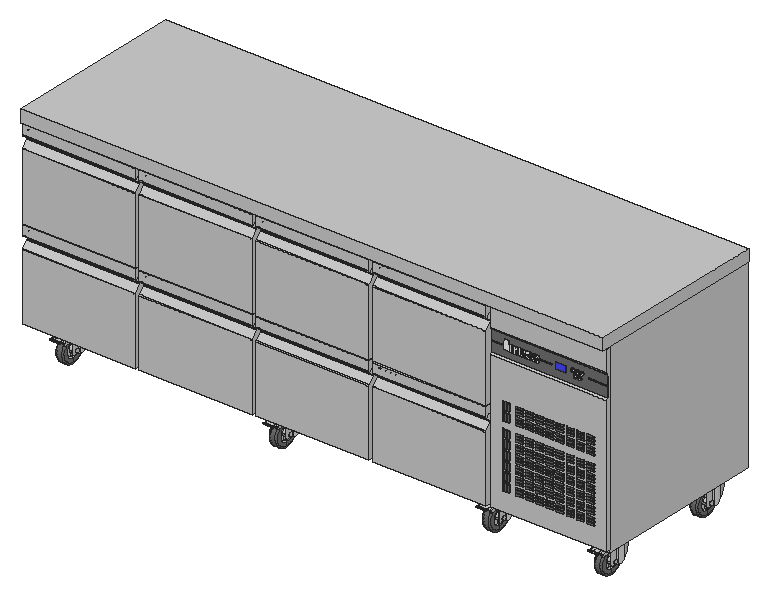
Revit family "QF_INOMAK_PNRP9999_250611031516", category Specialty Equipment, Revit 2021 (continued)
Definition of nested family "QF_INOMAK_REF_COUNTERS_DOORS_DRAWERS_6956"
  Definition of nested family "3_Drawers_1-3"
    Forms (mm)
      Extrusion 3, solid, visible <- "3 Drawers", detail levels coarse
        sketch origin (0, -640.463, 453.333) x (0, 1, 0) y (-1, 0, 0)
          loop
            line (-49.537, -35) -> (-624.582, -35) -> (-624.582, -1165) -> (-49.537, -1165) -> (-49.537, -35)
        from 0 to 293.667
      Extrusion 4, solid, visible <- "3 Drawers", detail levels coarse
        sketch origin (0, -700, 154) x (-1, 0, 0) y (0, 1, 0)
          loop
            line (-35, 10) -> (-1165, 10) -> (-1165, -565.045) -> (-35, -565.045) -> (-35, 10)
        from 0 to -294
      Extrusion 5, solid, material <- "Finish", visible <- "3 Drawers"
        sketch origin (35, 0, -220.667) x (0, -1, 0) y (0, 0, 1)
          loop
            line (690, 674) -> (690, 882.031)
            arc (690, 882.031) -> (689.866, 882.704) -> (689.485, 883.274) r 1.757
            line (689.485, 883.274) -> (666.663, 906.096)
            arc (666.663, 906.096) -> (665.976, 907.125) -> (665.734, 908.339) r 3.172
            line (665.734, 908.339) -> (665.734, 935.243)
            arc (665.734, 935.243) -> (666.433, 936.929) -> (668.119, 937.628) r 2.385
            line (668.119, 937.628) -> (680.029, 937.628) -> (686.544, 928.324)
            arc (686.544, 928.324) -> (688.671, 927.602) -> (690, 929.414) r 1.9
            line (690, 929.414) -> (690, 967.667) -> (648, 967.667) -> (648, 674) -> (690, 674)
        from 0 to -1130
      Extrusion 6, solid, material <- "Finish", visible <- "3 Drawers"
        sketch origin (35, 0, -441.333) x (0, -1, 0) y (0, 0, 1)
          loop
            line (690, 595.333) -> (690, 800.031)
            arc (690, 800.031) -> (689.866, 800.704) -> (689.485, 801.274) r 1.757
            line (689.485, 801.274) -> (666.663, 824.096)
            arc (666.663, 824.096) -> (665.976, 825.125) -> (665.734, 826.339) r 3.172
            line (665.734, 826.339) -> (665.734, 857.243)
            arc (665.734, 857.243) -> (666.433, 858.929) -> (668.119, 859.628) r 2.385
            line (668.119, 859.628) -> (680.029, 859.628) -> (686.544, 850.324)
            arc (686.544, 850.324) -> (688.671, 849.602) -> (690, 851.414) r 1.9
            line (690, 851.414) -> (690, 889.333) -> (648, 889.333) -> (648, 595.333) -> (690, 595.333)
        from 0 to -1130
    Lines and regions (mm)
      symbolic lines, visible <- "3 Drawers"
        curve 1: line (35, -850, 900) -> (35, -890, 900)
        curve 2: line (35, -890, 900) -> (1165, -890, 900)
        curve 3: line (1165, -890, 900) -> (1165, -850, 900)
        curve 4: line (1165, -850, 900) -> (35, -850, 900)
        curve 5: line (1135, -850, 900) -> (1135, -700, 900)
        curve 6: line (65, -850, 900) -> (65, -700, 900)
        curve 7: line (35, -1040, 900) -> (35, -1080, 900)
        curve 8: line (35, -1080, 900) -> (1165, -1080, 900)
        curve 9: line (1165, -1080, 900) -> (1165, -1040, 900)
        curve 10: line (1165, -1040, 900) -> (35, -1040, 900)
        curve 11: line (1135, -1040, 900) -> (1135, -890, 900)
        curve 12: line (65, -1040, 900) -> (65, -890, 900)
        curve 13: line (35, -1225, 900) -> (35, -1265, 900)
        curve 14: line (35, -1265, 900) -> (1165, -1265, 900)
        curve 15: line (1165, -1265, 900) -> (1165, -1225, 900)
        curve 16: line (1165, -1225, 900) -> (35, -1225, 900)
        curve 17: line (1135, -1225, 900) -> (1135, -1080, 900)
        curve 18: line (65, -1225, 900) -> (65, -1080, 900)
    Dimensions and locks
      "Length Actual": plane 3 "Left" to plane 4 "Right"
      "Depth Actual": plane 5 "Front" to plane 1 "Back"
      "Height Actual": plane 6 "Top" to plane 8 "Legs top"
      "Front inset": plane 7 "Front legs" to plane 5 "Front"
      "Plinth height": plane 8 "Legs top" to plane 2
      "Rear inset": plane 9 "Backsplash thickness" to plane 1 "Back"
      "Right panel thickness": plane 11 "Right panel" to plane 4 "Right"
      "Left panel thickness": plane 3 "Left" to plane 10 "Left panel"
      plane 14 to plane 15 = 4.667 mm
      equal spacing: plane 14, plane 12, plane 15
      locked: plane 16 to plane 13 at 2
      equal spacing: plane 18, plane 17, plane 19
      plane 18 to plane 19 = 5.333 mm
      "Bottom inset": plane 20 to plane 8 "Legs top"
      equal spacing: plane 21, plane 17, plane 12, plane 16
      "Top inset": plane 13 to plane 6 "Top"
      locked: plane 21 to plane 20 at 2
      aligned and locked: level to plane 2
      aligned and locked: Extrusion 1 to plane 11 "Right panel"
      aligned and locked: plane 10 "Left panel" to curve 1
      aligned and locked: plane 10 "Left panel" to curve 7
      aligned and locked: plane 10 "Left panel" to curve 13
      aligned and locked: Extrusion 2 sketch curve to plane 10 "Left panel"
      aligned and locked: plane 11 "Right panel" to Extrusion 2 sketch curve
      aligned and locked: Extrusion 3 sketch curve to plane 10 "Left panel"
      aligned and locked: plane 11 "Right panel" to Extrusion 3 sketch curve
      aligned and locked: Extrusion 4 sketch curve to plane 10 "Left panel"
      aligned and locked: plane 11 "Right panel" to Extrusion 4 sketch curve
      aligned and locked: Extrusion 2 to plane 13
      aligned and locked: Extrusion 3 to plane 15
      aligned and locked: Extrusion 4 to plane 19
      aligned and locked: Extrusion 5 to plane 11 "Right panel"
      aligned and locked: Extrusion 6 to plane 11 "Right panel"
      aligned and locked: Extrusion 1 sketch curve to plane 13
      aligned and locked: Extrusion 1 sketch curve to plane 7 "Front legs"
      aligned and locked: plane 18 to Extrusion 5 sketch curve
      aligned and locked: Extrusion 6 sketch curve to Extrusion 4  (x2)
      aligned and locked: Extrusion 5 sketch curve to plane 15
      aligned and locked: Extrusion 4 to Extrusion 5 sketch curve
      aligned and locked: Extrusion 6 sketch curve to plane 19
      aligned and locked: Extrusion 6 sketch curve to plane 20
    Automatic sketch dimensions
      Extrusion 2 sketch curve to plane 7 "Front legs" = 0 mm
      Extrusion 2 sketch curve to plane 5 "Front" = 565.045 mm
      Extrusion 3 sketch curve to plane 7 "Front legs" = 0 mm
      Extrusion 3 sketch curve to plane 5 "Front" = 565.045 mm
      Extrusion 4 sketch curve to plane 7 "Front legs" = 0 mm
      Extrusion 4 sketch curve to plane 5 "Front" = 565.045 mm
      curve 14 to plane 11 "Right panel" = 0 mm
      curve 8 to plane 11 "Right panel" = 0 mm
      curve 3 to plane 11 "Right panel" = 0 mm
      curve 6 to plane 5 "Front" = 0 mm
      curve 5 to plane 5 "Front" = 0 mm
      curve 1 to plane 5 "Front" = 150 mm
      curve 2 to curve 3 = 40 mm
      curve 10 to curve 1 = 150 mm
      curve 9 to curve 9 = 40 mm
      curve 13 to curve 7 = 145 mm
      curve 14 to curve 13 = 40 mm
      curve 3 to curve 5 = 30 mm
      curve 15 to curve 17 = 30 mm
      curve 11 to curve 17 = 0 mm
      curve 6 to plane 10 "Left panel" = 30 mm
      curve 18 to plane 10 "Left panel" = 30 mm
      curve 12 to curve 18 = 0 mm
      Extrusion 1 sketch curve to plane 14 = 0 mm
      Extrusion 1 sketch curve to plane 7 "Front legs" = 0 mm
      plane 7 "Front legs" to Extrusion 1 sketch curve = 0.515 mm
      plane 7 "Front legs" to Extrusion 1 sketch curve = 1.757 mm
      plane 7 "Front legs" to Extrusion 1 sketch curve = 1.9 mm
      Extrusion 1 sketch curve to Extrusion 1 sketch curve = 1.556 mm
      plane 7 "Front legs" to Extrusion 1 sketch curve = 9.971 mm
      plane 7 "Front legs" to Extrusion 1 sketch curve = 21.094 mm
      Extrusion 1 sketch curve to Extrusion 1 sketch curve = 11.91 mm
      Extrusion 1 sketch curve to Extrusion 1 sketch curve = 2.243 mm
      Extrusion 1 sketch curve to Extrusion 1 sketch curve = 2.385 mm
      Extrusion 1 sketch curve to Extrusion 1 sketch curve = 20.119 mm
      plane 13 to Extrusion 1 sketch curve = 85.635 mm
      Extrusion 1 sketch curve to Extrusion 1 sketch curve = 22.822 mm
      Extrusion 1 sketch curve to Extrusion 1 sketch curve = 19.985 mm
      Extrusion 1 sketch curve to Extrusion 1 sketch curve = 6.919 mm
      plane 15 to Extrusion 5 sketch curve = 59.328 mm
      Extrusion 5 sketch curve to Extrusion 5 sketch curve = 17.734 mm
      plane 15 to Extrusion 5 sketch curve = 61.571 mm
      Extrusion 5 sketch curve to Extrusion 5 sketch curve = 0.929 mm
      Extrusion 5 sketch curve to Extrusion 5 sketch curve = 2.385 mm
      Extrusion 5 sketch curve to Extrusion 5 sketch curve = 11.91 mm
      Extrusion 5 sketch curve to Extrusion 5 sketch curve = 6.515 mm
      Extrusion 5 sketch curve to Extrusion 5 sketch curve = 1.556 mm
      Extrusion 5 sketch curve to Extrusion 5 sketch curve = 21.58 mm
      plane 15 to Extrusion 5 sketch curve = 84.393 mm
      Extrusion 5 sketch curve to Extrusion 5 sketch curve = 1.242 mm
      Extrusion 5 sketch curve to Extrusion 5 sketch curve = 1.9 mm
      Extrusion 5 sketch curve to Extrusion 5 sketch curve = 0.515 mm
      Extrusion 5 sketch curve to Extrusion 5 sketch curve = 6.919 mm
      Extrusion 5 sketch curve to Extrusion 5 sketch curve = 30.039 mm
      plane 7 "Front legs" to Extrusion 6 sketch curve = 0.515 mm
      plane 7 "Front legs" to Extrusion 6 sketch curve = 1.757 mm
      plane 7 "Front legs" to Extrusion 6 sketch curve = 1.9 mm
      Extrusion 6 sketch curve to Extrusion 6 sketch curve = 1.556 mm
      plane 7 "Front legs" to Extrusion 6 sketch curve = 9.971 mm
      plane 7 "Front legs" to Extrusion 6 sketch curve = 21.094 mm
      Extrusion 6 sketch curve to Extrusion 6 sketch curve = 11.91 mm
      Extrusion 6 sketch curve to Extrusion 6 sketch curve = 2.243 mm
      Extrusion 6 sketch curve to Extrusion 6 sketch curve = 2.385 mm
      Extrusion 6 sketch curve to Extrusion 6 sketch curve = 20.119 mm
      plane 19 to Extrusion 6 sketch curve = 89.302 mm
      Extrusion 6 sketch curve to Extrusion 6 sketch curve = 22.822 mm
      Extrusion 6 sketch curve to Extrusion 6 sketch curve = 23.985 mm
      Extrusion 6 sketch curve to Extrusion 6 sketch curve = 6.919 mm
  Definition of nested family "2_Drawers_1-2"
    Parameters (values of type "2 Drawers 1-2")
      URL = "www.specifiglobal.com"
      Top inset [instance] = 4 mm
      Right panel thickness [instance] = 35 mm
      Rear inset [instance] = 10 mm
      Plinth height [instance] = 150 mm
      Model = ""
      Manufacturer = "DEMO CONSULTANT"
      Length Actual [instance] = 1200 mm
      Left panel thickness [instance] = 35 mm
      Height Actual [instance] = 900 mm
      Front inset [instance] = 10 mm
      Finish = none
      Doors drawers type [instance] = 4
      Description = ""
      Depth Actual [instance] = 700 mm
      Default Elevation = 0 mm
      Bottom inset [instance] = 4 mm
      Assembly Code = "E1090320"
      2 Drawers [instance] = Doors drawers type = 4  # yes
    Reference planes
      plane 1 "Back": y = 0
      plane 2: z = 0
      plane 3 "Left": x = 0
      plane 4 "Right": x = 1200
      plane 5 "Front": y = -700
      plane 6 "Top": z = 1050
      plane 7 "Front legs": y = -690
      plane 8 "Legs top": z = 150
      plane 9 "Backsplash thickness": y = -10
      plane 10 "Left panel": x = 35
      plane 11 "Right panel": x = 1165
      plane 12: z = 600
      plane 13: z = 1046
      plane 14: z = 602
      plane 15: z = 598
      plane 16: z = 154
    Forms (mm)
      Extrusion 1, solid, material <- "Finish", visible <- "2 Drawers"
        sketch origin (35, 0, 0) x (0, -1, 0) y (0, 0, 1)
          loop
            line (690, 602) -> (690, 960.365)
            arc (690, 960.365) -> (689.866, 961.037) -> (689.485, 961.607) r 1.757
            line (689.485, 961.607) -> (666.663, 984.429)
            arc (666.663, 984.429) -> (665.976, 985.458) -> (665.734, 986.672) r 3.172
            line (665.734, 986.672) -> (665.734, 1013.576)
            arc (665.734, 1013.576) -> (666.433, 1015.262) -> (668.119, 1015.961) r 2.385
            line (668.119, 1015.961) -> (680.029, 1015.961) -> (686.544, 1006.657)
            arc (686.544, 1006.657) -> (688.671, 1005.935) -> (690, 1007.747) r 1.9
            line (690, 1007.747) -> (690, 1046) -> (648, 1046) -> (648, 602) -> (690, 602)
        from 0 to -1130
      Extrusion 2, solid, visible <- "2 Drawers", detail levels coarse
        sketch origin (0, -640.463, 602) x (0, 1, 0) y (-1, 0, 0)
          loop
            line (-49.537, -35) -> (-624.537, -35) -> (-624.537, -1165) -> (-49.537, -1165) -> (-49.537, -35)
        from 0 to 444
      Extrusion 3, solid, visible <- "2 Drawers", detail levels coarse
        sketch origin (0, -700, 154) x (-1, 0, 0) y (0, 1, 0)
          loop
            line (-35, 10) -> (-1165, 10) -> (-1165, -565) -> (-35, -565) -> (-35, 10)
        from 0 to -444
      Extrusion 4, solid, material <- "Finish", visible <- "2 Drawers"
        sketch origin (35, 0, -441.333) x (0, -1, 0) y (0, 0, 1)
          loop
            line (690, 595.333) -> (690, 953.698)
            arc (690, 953.698) -> (689.866, 954.37) -> (689.485, 954.94) r 1.757
            line (689.485, 954.94) -> (666.663, 977.763)
            arc (666.663, 977.763) -> (665.976, 978.792) -> (665.734, 980.006) r 3.172
            line (665.734, 980.006) -> (665.734, 1006.909)
            arc (665.734, 1006.909) -> (666.433, 1008.596) -> (668.119, 1009.294) r 2.385
            line (668.119, 1009.294) -> (680.029, 1009.294) -> (686.544, 999.991)
            arc (686.544, 999.991) -> (688.671, 999.268) -> (690, 1001.08) r 1.9
            line (690, 1001.08) -> (690, 1039.333) -> (648, 1039.333) -> (648, 595.333) -> (690, 595.333)
        from 0 to -1130
    Lines and regions (mm)
      symbolic lines, visible <- "2 Drawers"
        curve 1: line (35, -940, 900) -> (35, -980, 900)
        curve 2: line (35, -980, 900) -> (1165, -980, 900)
        curve 3: line (1165, -980, 900) -> (1165, -940, 900)
        curve 4: line (1165, -940, 900) -> (35, -940, 900)
        curve 5: line (1135, -940, 900) -> (1135, -700, 900)
        curve 6: line (65, -940, 900) -> (65, -700, 900)
        curve 7: line (35, -1225, 900) -> (35, -1265, 900)
        curve 8: line (35, -1265, 900) -> (1165, -1265, 900)
        curve 9: line (1165, -1265, 900) -> (1165, -1225, 900)
        curve 10: line (1165, -1225, 900) -> (35, -1225, 900)
        curve 11: line (1135, -1225, 900) -> (1135, -980, 900)
        curve 12: line (65, -1225, 900) -> (65, -980, 900)
    Dimensions and locks
      "Length Actual": plane 3 "Left" to plane 4 "Right"
      "Depth Actual": plane 5 "Front" to plane 1 "Back"
      "Height Actual": plane 6 "Top" to plane 8 "Legs top"
      "Front inset": plane 7 "Front legs" to plane 5 "Front"
      "Plinth height": plane 8 "Legs top" to plane 2
      "Rear inset": plane 9 "Backsplash thickness" to plane 1 "Back"
      "Right panel thickness": plane 11 "Right panel" to plane 4 "Right"
      "Left panel thickness": plane 3 "Left" to plane 10 "Left panel"
      "Top inset": plane 6 "Top" to plane 13
      "Bottom inset": plane 16 to plane 8 "Legs top"
      equal spacing: plane 16, plane 12, plane 13
      locked: plane 14 to plane 12 at 2
      locked: plane 15 to plane 12 at 2
      aligned and locked: level to plane 2
      aligned and locked: Extrusion 1 to plane 11 "Right panel"
      aligned and locked: plane 10 "Left panel" to curve 1
      aligned and locked: plane 10 "Left panel" to curve 7
      aligned and locked: Extrusion 2 sketch curve to plane 10 "Left panel"
      aligned and locked: plane 11 "Right panel" to Extrusion 2 sketch curve
      aligned and locked: Extrusion 3 sketch curve to plane 10 "Left panel"
      aligned and locked: plane 11 "Right panel" to Extrusion 3 sketch curve
      aligned and locked: Extrusion 2 to plane 13
      aligned and locked: Extrusion 4 to plane 11 "Right panel"
      aligned and locked: Extrusion 3 to plane 15
      aligned and locked: Extrusion 1 sketch curve to plane 13
      aligned and locked: Extrusion 1 sketch curve to plane 7 "Front legs"
      aligned and locked: plane 14 to Extrusion 1 sketch curve
      aligned and locked: Extrusion 4 sketch curve to plane 15
      aligned and locked: Extrusion 4 sketch curve to plane 7 "Front legs"
      aligned and locked: Extrusion 4 sketch curve to plane 16
    Automatic sketch dimensions
      Extrusion 2 sketch curve to plane 7 "Front legs" = 0 mm
      Extrusion 2 sketch curve to plane 5 "Front" = 565 mm
      Extrusion 3 sketch curve to plane 7 "Front legs" = 0 mm
      Extrusion 3 sketch curve to plane 5 "Front" = 565 mm
      curve 9 to plane 11 "Right panel" = 0 mm
      curve 2 to plane 11 "Right panel" = 0 mm
      curve 5 to plane 5 "Front" = 0 mm
      curve 6 to plane 5 "Front" = 0 mm
      curve 1 to plane 5 "Front" = 240 mm
      curve 3 to curve 3 = 40 mm
      curve 7 to curve 1 = 245 mm
      curve 8 to curve 9 = 40 mm
      plane 11 "Right panel" to curve 5 = 30 mm
      curve 2 to curve 11 = 30 mm
      curve 6 to plane 10 "Left panel" = 30 mm
      curve 12 to plane 10 "Left panel" = 30 mm
      Extrusion 1 sketch curve to Extrusion 1 sketch curve = 17.734 mm
      Extrusion 1 sketch curve to Extrusion 1 sketch curve = 0.929 mm
      Extrusion 1 sketch curve to Extrusion 1 sketch curve = 2.385 mm
      Extrusion 1 sketch curve to Extrusion 1 sketch curve = 3.172 mm
      Extrusion 1 sketch curve to Extrusion 1 sketch curve = 11.91 mm
      Extrusion 1 sketch curve to Extrusion 1 sketch curve = 6.515 mm
      Extrusion 1 sketch curve to Extrusion 1 sketch curve = 1.556 mm
      Extrusion 1 sketch curve to Extrusion 1 sketch curve = 21.58 mm
      Extrusion 1 sketch curve to Extrusion 1 sketch curve = 1.242 mm
      Extrusion 1 sketch curve to Extrusion 1 sketch curve = 1.9 mm
      Extrusion 1 sketch curve to Extrusion 1 sketch curve = 0.515 mm
      Extrusion 1 sketch curve to Extrusion 1 sketch curve = 22.822 mm
      Extrusion 1 sketch curve to Extrusion 1 sketch curve = 19.985 mm
      Extrusion 1 sketch curve to Extrusion 1 sketch curve = 6.919 mm
      Extrusion 1 sketch curve to Extrusion 1 sketch curve = 30.039 mm
      Extrusion 4 sketch curve to plane 7 "Front legs" = 0 mm
      plane 7 "Front legs" to Extrusion 4 sketch curve = 0.515 mm
      plane 7 "Front legs" to Extrusion 4 sketch curve = 1.757 mm
      plane 7 "Front legs" to Extrusion 4 sketch curve = 1.9 mm
      Extrusion 4 sketch curve to Extrusion 4 sketch curve = 1.556 mm
      plane 7 "Front legs" to Extrusion 4 sketch curve = 9.971 mm
      plane 7 "Front legs" to Extrusion 4 sketch curve = 21.094 mm
      Extrusion 4 sketch curve to Extrusion 4 sketch curve = 11.91 mm
      Extrusion 4 sketch curve to Extrusion 4 sketch curve = 2.243 mm
      Extrusion 4 sketch curve to Extrusion 4 sketch curve = 2.385 mm
      Extrusion 4 sketch curve to Extrusion 4 sketch curve = 20.119 mm
      Extrusion 4 sketch curve to Extrusion 4 sketch curve = 22.822 mm
      Extrusion 4 sketch curve to Extrusion 4 sketch curve = 19.985 mm
      Extrusion 4 sketch curve to Extrusion 4 sketch curve = 6.919 mm
      Extrusion 4 sketch curve to Extrusion 4 sketch curve = 30.039 mm
  Definition of nested family "2_Drawers_1-3_2-3"
    Parameters (values of type "2 Drawers 1-3 and 2-3")
      URL = "www.specifiglobal.com"
      Top inset [instance] = 4 mm
      Right panel thickness [instance] = 35 mm
      Rear inset [instance] = 10 mm
      Plinth height [instance] = 150 mm
      Model = ""
      Manufacturer = "DEMO CONSULTANT"
      Length Actual [instance] = 1200 mm
      Left panel thickness [instance] = 35 mm
      Height Actual [instance] = 900 mm
      Front inset [instance] = 10 mm
      Finish = none
      Doors drawers type [instance] = 5
      Description = ""
      Depth Actual [instance] = 700 mm
      Default Elevation = 0 mm
      Bottom inset [instance] = 4 mm
      Assembly Code = "E1090320"
      2 Drawers 1-3 and 2-3 [instance] = Doors drawers type = 5  # yes
    Reference planes
      plane 1 "Back": y = 0
      plane 2: z = 0
      plane 3 "Left": x = 0
      plane 4 "Right": x = 1200
      plane 5 "Front": y = -700
      plane 6 "Top": z = 1050
      plane 7 "Front legs": y = -690
      plane 8 "Legs top": z = 150
      plane 9 "Backsplash thickness": y = -10
      plane 10 "Left panel": x = 35
      plane 11 "Right panel": x = 1165
      plane 12: z = 1046
      plane 13: z = 751.833
      plane 14: z = 746.833
      plane 15: z = 154
      plane 16: z = 450.667
      plane 17: z = 152
      plane 18: z = 1048
      plane 19: z = 749.333
    Forms (mm)
      Extrusion 1, solid, material <- "Finish", visible <- "2 Drawers 1-3 and 2-3"
        sketch origin (35, 0, 0) x (0, -1, 0) y (0, 0, 1)
          loop
            line (690, 751.833) -> (690, 960.365)
            arc (690, 960.365) -> (689.866, 961.037) -> (689.485, 961.607) r 1.757
            line (689.485, 961.607) -> (666.663, 984.429)
            arc (666.663, 984.429) -> (665.976, 985.458) -> (665.734, 986.672) r 3.172
            line (665.734, 986.672) -> (665.734, 1013.576)
            arc (665.734, 1013.576) -> (666.433, 1015.262) -> (668.119, 1015.961) r 2.385
            line (668.119, 1015.961) -> (680.029, 1015.961) -> (686.544, 1006.657)
            arc (686.544, 1006.657) -> (688.671, 1005.935) -> (690, 1007.747) r 1.9
            line (690, 1007.747) -> (690, 1046) -> (648, 1046) -> (648, 751.833) -> (690, 751.833)
        from 0 to -1130
      Extrusion 2, solid, visible <- "2 Drawers 1-3 and 2-3", detail levels coarse
        sketch origin (0, -640.463, 751.833) x (0, 1, 0) y (-1, 0, 0)
          loop
            line (-49.537, -35) -> (-624.537, -35) -> (-624.537, -1165) -> (-49.537, -1165) -> (-49.537, -35)
        from 0 to 294.167
      Extrusion 3, solid, visible <- "2 Drawers 1-3 and 2-3", detail levels coarse
        sketch origin (0, -700, 154) x (-1, 0, 0) y (0, 1, 0)
          loop
            line (-35, 10) -> (-1165, 10) -> (-1165, -565) -> (-35, -565) -> (-35, 10)
        from 0 to -592.833
      Extrusion 4, solid, material <- "Finish", visible <- "2 Drawers 1-3 and 2-3"
        sketch origin (35, 0, -441.333) x (0, -1, 0) y (0, 0, 1)
          loop
            line (690, 595.333) -> (690, 1101.698)
            arc (690, 1101.698) -> (689.866, 1102.37) -> (689.485, 1102.94) r 1.757
            line (689.485, 1102.94) -> (666.663, 1126.596)
            arc (666.663, 1126.596) -> (665.976, 1127.625) -> (665.734, 1128.839) r 3.172
            line (665.734, 1128.839) -> (665.734, 1155.743)
            arc (665.734, 1155.743) -> (666.433, 1157.429) -> (668.119, 1158.128) r 2.385
            line (668.119, 1158.128) -> (680.029, 1158.128) -> (686.544, 1148.824)
            arc (686.544, 1148.824) -> (688.671, 1148.102) -> (690, 1149.914) r 1.9
            line (690, 1149.914) -> (690, 1188.167) -> (648, 1188.167) -> (648, 595.333) -> (690, 595.333)
        from 0 to -1130
    Lines and regions (mm)
      symbolic lines, visible <- "2 Drawers 1-3 and 2-3"
        curve 1: line (35, -1000, 900) -> (35, -1040, 900)
        curve 2: line (35, -1040, 900) -> (1165, -1040, 900)
        curve 3: line (1165, -1040, 900) -> (1165, -1000, 900)
        curve 4: line (1165, -1000, 900) -> (35, -1000, 900)
        curve 5: line (1135, -1000, 900) -> (1135, -700, 900)
        curve 6: line (65, -1000, 900) -> (65, -700, 900)
        curve 7: line (35, -1225, 900) -> (35, -1265, 900)
        curve 8: line (35, -1265, 900) -> (1165, -1265, 900)
        curve 9: line (1165, -1265, 900) -> (1165, -1225, 900)
        curve 10: line (1165, -1225, 900) -> (35, -1225, 900)
        curve 11: line (1135, -1225, 900) -> (1135, -1040, 900)
        curve 12: line (65, -1225, 900) -> (65, -1040, 900)
    Dimensions and locks
      "Length Actual": plane 3 "Left" to plane 4 "Right"
      "Depth Actual": plane 5 "Front" to plane 1 "Back"
      "Height Actual": plane 6 "Top" to plane 8 "Legs top"
      "Front inset": plane 7 "Front legs" to plane 5 "Front"
      "Plinth height": plane 8 "Legs top" to plane 2
      "Rear inset": plane 9 "Backsplash thickness" to plane 1 "Back"
      "Right panel thickness": plane 11 "Right panel" to plane 4 "Right"
      "Left panel thickness": plane 3 "Left" to plane 10 "Left panel"
      "Top inset": plane 6 "Top" to plane 12
      locked: plane 13 to plane 14 at 5
      "Bottom inset": plane 15 to plane 8 "Legs top"
      equal spacing: plane 17, plane 16, plane 19, plane 18
      equal spacing: plane 12, plane 18, plane 6 "Top"
      equal spacing: plane 14, plane 19, plane 13
      equal spacing: plane 15, plane 17, plane 8 "Legs top"
      aligned and locked: level to plane 2
      aligned and locked: Extrusion 1 to plane 11 "Right panel"
      aligned and locked: plane 10 "Left panel" to curve 1
      aligned and locked: plane 10 "Left panel" to curve 7
      aligned and locked: Extrusion 2 sketch curve to plane 10 "Left panel"
      aligned and locked: plane 11 "Right panel" to Extrusion 2 sketch curve
      aligned and locked: Extrusion 3 sketch curve to plane 10 "Left panel"
      aligned and locked: plane 11 "Right panel" to Extrusion 3 sketch curve
      aligned and locked: Extrusion 2 to plane 12
      aligned and locked: Extrusion 4 to plane 11 "Right panel"
      aligned and locked: Extrusion 3 to plane 14
      aligned and locked: plane 13 to Extrusion 1 sketch curve
      aligned and locked: Extrusion 2 to Extrusion 1 sketch curve
      aligned and locked: Extrusion 3 to Extrusion 4 sketch curve
      aligned and locked: Extrusion 4 sketch curve to Extrusion 3  (x2)
      aligned and locked: Extrusion 1 sketch curve to plane 7 "Front legs"
    Automatic sketch dimensions
      Extrusion 2 sketch curve to plane 7 "Front legs" = 0 mm
      Extrusion 2 sketch curve to plane 5 "Front" = 565 mm
      Extrusion 3 sketch curve to plane 7 "Front legs" = 0 mm
      Extrusion 3 sketch curve to plane 5 "Front" = 565 mm
      curve 9 to plane 11 "Right panel" = 0 mm
      curve 2 to plane 11 "Right panel" = 0 mm
      curve 5 to plane 5 "Front" = 0 mm
      curve 6 to plane 5 "Front" = 0 mm
      curve 1 to plane 5 "Front" = 300 mm
      curve 3 to curve 3 = 40 mm
      curve 7 to curve 1 = 185 mm
      curve 8 to curve 9 = 40 mm
      plane 11 "Right panel" to curve 5 = 30 mm
      curve 11 to curve 5 = 0 mm
      curve 6 to plane 10 "Left panel" = 30 mm
      curve 12 to curve 6 = 0 mm
      Extrusion 1 sketch curve to plane 7 "Front legs" = 0 mm
      plane 7 "Front legs" to Extrusion 1 sketch curve = 0.515 mm
      plane 7 "Front legs" to Extrusion 1 sketch curve = 1.757 mm
      plane 7 "Front legs" to Extrusion 1 sketch curve = 1.9 mm
      Extrusion 1 sketch curve to Extrusion 1 sketch curve = 1.556 mm
      plane 7 "Front legs" to Extrusion 1 sketch curve = 9.971 mm
      plane 7 "Front legs" to Extrusion 1 sketch curve = 21.094 mm
      Extrusion 1 sketch curve to Extrusion 1 sketch curve = 11.91 mm
      Extrusion 1 sketch curve to Extrusion 1 sketch curve = 2.243 mm
      Extrusion 1 sketch curve to Extrusion 1 sketch curve = 2.385 mm
      Extrusion 1 sketch curve to Extrusion 1 sketch curve = 20.119 mm
      plane 12 to Extrusion 1 sketch curve = 85.635 mm
      Extrusion 1 sketch curve to Extrusion 1 sketch curve = 22.822 mm
      Extrusion 1 sketch curve to Extrusion 1 sketch curve = 19.985 mm
      Extrusion 1 sketch curve to Extrusion 1 sketch curve = 6.919 mm
      plane 12 to Extrusion 1 sketch curve = 0 mm
      Extrusion 4 sketch curve to plane 7 "Front legs" = 0 mm
      plane 7 "Front legs" to Extrusion 4 sketch curve = 0.515 mm
      plane 7 "Front legs" to Extrusion 4 sketch curve = 1.9 mm
      Extrusion 4 sketch curve to Extrusion 4 sketch curve = 1.556 mm
      plane 7 "Front legs" to Extrusion 4 sketch curve = 9.971 mm
      plane 7 "Front legs" to Extrusion 4 sketch curve = 21.094 mm
      Extrusion 4 sketch curve to Extrusion 4 sketch curve = 11.91 mm
      Extrusion 4 sketch curve to Extrusion 4 sketch curve = 2.243 mm
      Extrusion 4 sketch curve to Extrusion 4 sketch curve = 2.385 mm
      Extrusion 4 sketch curve to Extrusion 4 sketch curve = 20.119 mm
      Extrusion 4 sketch curve to Extrusion 4 sketch curve = 86.469 mm
      Extrusion 4 sketch curve to Extrusion 4 sketch curve = 23.656 mm
      Extrusion 4 sketch curve to Extrusion 4 sketch curve = 19.985 mm
      Extrusion 4 sketch curve to Extrusion 4 sketch curve = 6.919 mm
      plane 7 "Front legs" to Extrusion 4 sketch curve = 1.757 mm
  Definition of nested family "Sliding_Doors"
    Parameters (values of type "Sliding doors")
      URL = "www.specifiglobal.com"
      Top inset [instance] = 4 mm
      Sliding doors [instance] = Doors drawers type = 2  # yes
      Right panel thickness [instance] = 35 mm
      Rear inset [instance] = 10 mm
      Plinth height [instance] = 150 mm
      Model = ""
      Manufacturer = "DEMO CONSULTANT"
      Length Actual [instance] = 1200 mm
      Left panel thickness [instance] = 35 mm
      Height Actual [instance] = 900 mm
      Front inset [instance] = 10 mm
      Finish [instance] = none
      Doors drawers type [instance] = 2
      Description = ""
      Depth Actual [instance] = 700 mm
      Default Elevation = 0 mm
      Bottom inset [instance] = 4 mm
      Assembly Code = "E1090320"
    Reference planes
      plane 1 "Back": y = 0
      plane 2: z = 0
      plane 3 "Left": x = 0
      plane 4 "Right": x = 1200
      plane 5 "Front": y = -700
      plane 6 "Top": z = 1050
      plane 7 "Front legs": y = -690
      plane 8 "Legs top": z = 150
      plane 9 "Backsplash thickness": y = -10
      plane 10: x = 35
      plane 11: x = 1165
      plane 12 "Center Left-Right": x = 600
      plane 13: z = 154
      plane 14: z = 1046
    Forms (mm)
      Extrusion 1, solid, material <- "Finish", visible <- "Sliding doors"
        sketch origin (0, -690, 154) x (-1, 0, 0) y (0, 1, 0)
          loop
            line (-35, 10) -> (-35, 20) -> (-620, 20) -> (-620, 0) -> (-91.156, 0)
            arc (-91.156, 0) -> (-85.272, 0.885) -> (-79.91, 3.461) r 20
            line (-79.91, 3.461) -> (-60, 17) -> (-38, 17) -> (-38, 10)
            arc (-38, 10) -> (-40.05, 5.05) -> (-45, 3) r 7
            line (-45, 3) -> (-50.012, 3) -> (-50.012, 0) -> (-45, 0)
            arc (-45, 0) -> (-37.929, 2.929) -> (-35, 10) r 10
        from 0 to -892
      Extrusion 2, solid, material <- "Finish", visible <- "Sliding doors"
        sketch origin (0, -689, 154) x (-1, 0, 0) y (0, 1, 0)
          loop
            arc (-1065, 30) -> (-1062.071, 22.929) -> (-1055, 20) r 10
            line (-1055, 20) -> (-1049.988, 20) -> (-1049.988, 23) -> (-1055, 23)
            arc (-1055, 23) -> (-1059.95, 25.05) -> (-1062, 30) r 7
            line (-1062, 30) -> (-1062, 37) -> (-1040, 37) -> (-1020.09, 23.461)
            arc (-1020.09, 23.461) -> (-1014.728, 20.885) -> (-1008.844, 20) r 20
            line (-1008.844, 20) -> (-480, 20) -> (-480, 40) -> (-1065, 40) -> (-1065, 30)
        from 0 to -892
    Lines and regions (mm)
      symbolic lines, visible <- "Sliding doors"
        curve 1: line (1065, -649, 150) -> (480, -649, 150)
        curve 2: line (1065, -669, 150) -> (1065, -649, 150)
        curve 3: line (480, -669, 150) -> (1065, -669, 150)
        curve 4: line (480, -649, 150) -> (480, -669, 150)
        curve 5: line (620, -690, 150) -> (35, -690, 150)
        curve 6: line (620, -670, 150) -> (620, -690, 150)
        curve 7: line (35, -670, 150) -> (620, -670, 150)
        curve 8: line (35, -690, 150) -> (35, -670, 150)
    Dimensions and locks
      "Length Actual": plane 3 "Left" to plane 4 "Right"
      "Depth Actual": plane 5 "Front" to plane 1 "Back"
      "Height Actual": plane 6 "Top" to plane 8 "Legs top"
      "Front inset": plane 7 "Front legs" to plane 5 "Front"
      "Plinth height": plane 8 "Legs top" to plane 2
      "Rear inset": plane 9 "Backsplash thickness" to plane 1 "Back"
      "Right panel thickness": plane 11 to plane 4 "Right"
      "Left panel thickness": plane 3 "Left" to plane 10
      equal spacing: plane 10, plane 12 "Center Left-Right", plane 11
      "Top inset": plane 6 "Top" to plane 14
      "Bottom inset": plane 13 to plane 8 "Legs top"
      locked: plane 12 "Center Left-Right" to curve 4 at 120
      locked: plane 12 "Center Left-Right" to curve 5 at 20
      locked: plane 11 to curve 1 at 100
      aligned and locked: level to plane 2
      aligned and locked: Extrusion 1 sketch curve to plane 7 "Front legs"
      aligned and locked: Extrusion 1 sketch curve to plane 10
      aligned and locked: Extrusion 1 to plane 14
      aligned and locked: Extrusion 2 to plane 14
      aligned and locked: curve 8 to plane 10
    Automatic sketch dimensions
      Extrusion 2 sketch curve to Extrusion 2 sketch curve = 0 mm  (x2)
      plane 11 to Extrusion 2 sketch curve = 100 mm
      Extrusion 2 sketch curve to Extrusion 2 sketch curve = 3 mm
      Extrusion 2 sketch curve to Extrusion 2 sketch curve = 7 mm  (x2)
      Extrusion 2 sketch curve to Extrusion 2 sketch curve = 5.012 mm
      plane 7 "Front legs" to Extrusion 2 sketch curve = 38 mm
      Extrusion 2 sketch curve to Extrusion 2 sketch curve = 15 mm
      plane 7 "Front legs" to Extrusion 2 sketch curve = 24.461 mm
      Extrusion 2 sketch curve to Extrusion 2 sketch curve = 19.91 mm
      Extrusion 2 sketch curve to Extrusion 2 sketch curve = 11.246 mm
      Extrusion 2 sketch curve to plane 12 "Center Left-Right" = 120 mm
      Extrusion 2 sketch curve to Extrusion 2 sketch curve = 16.539 mm
      Extrusion 2 sketch curve to Extrusion 2 sketch curve = 20 mm
      Extrusion 1 sketch curve to Extrusion 1 sketch curve = 0 mm  (x2)
      Extrusion 1 sketch curve to plane 7 "Front legs" = 0 mm
      Extrusion 1 sketch curve to plane 10 = 3 mm
      Extrusion 1 sketch curve to Extrusion 1 sketch curve = 7 mm
      Extrusion 1 sketch curve to Extrusion 1 sketch curve = 5.012 mm
      Extrusion 1 sketch curve to Extrusion 1 sketch curve = 15 mm
      plane 7 "Front legs" to Extrusion 1 sketch curve = 3.461 mm
      Extrusion 1 sketch curve to Extrusion 1 sketch curve = 19.91 mm
      Extrusion 1 sketch curve to Extrusion 1 sketch curve = 11.246 mm
      plane 12 "Center Left-Right" to Extrusion 1 sketch curve = 20 mm
      Extrusion 1 sketch curve to Extrusion 1 sketch curve = 20 mm
      Extrusion 1 sketch curve to Extrusion 1 sketch curve = 3 mm
      curve 8 to plane 7 "Front legs" = 0 mm
      curve 5 to curve 6 = 20 mm
      plane 7 "Front legs" to curve 2 = 21 mm
      curve 2 to curve 2 = 20 mm
  Definition of nested family "4_Drawers_1-4"
    Parameters (values of type "4 Drawers 1-4")
      URL = "www.specifiglobal.com"
      Top inset [instance] = 4 mm
      Right panel thickness [instance] = 35 mm
      Rear inset [instance] = 10 mm
      Plinth height [instance] = 150 mm
      Model = ""
      Manufacturer = "DEMO CONSULTANT"
      Length Actual [instance] = 1200 mm
      Left panel thickness [instance] = 35 mm
      Height Actual [instance] = 900 mm
      Front inset [instance] = 10 mm
      Finish [instance] = none
      Doors drawers type [instance] = 7
      Description = ""
      Depth Actual [instance] = 700 mm
      Default Elevation = 0 mm
      Bottom inset [instance] = 4 mm
      Assembly Code = "E1090320"
      4 Drawers [instance] = Doors drawers type = 7  # yes
    Reference planes
      plane 1 "Back": y = 0
      plane 2: z = 0
      plane 3 "Left": x = 0
      plane 4 "Right": x = 1200
      plane 5 "Front": y = -700
      plane 6 "Top": z = 1050
      plane 7 "Front legs": y = -690
      plane 8 "Legs top": z = 150
      plane 9 "Backsplash thickness": y = -10
      plane 10 "Left panel": x = 35
      plane 11 "Right panel": x = 1165
      plane 12: z = 824.25
      plane 13: z = 1046
      plane 14: z = 826.083
      plane 15: z = 822.417
      plane 16: z = 1048.5
      plane 17: z = 375.75
      plane 18: z = 377.917
      plane 19: z = 373.583
      plane 20: z = 154
      plane 21: z = 151.5
      plane 22: z = 600
      plane 23: z = 601.833
      plane 24: z = 598.167
    Forms (mm)
      Extrusion 1, solid, material <- "Finish", visible <- "4 Drawers"
        sketch origin (35, 0, -1) x (0, -1, 0) y (0, 0, 1)
          loop
            line (680, 1047) -> (670, 1047) -> (670, 827.083) -> (690, 827.083) -> (690, 990.844)
            arc (690, 990.844) -> (689.115, 996.728) -> (686.539, 1002.09) r 20
            line (686.539, 1002.09) -> (673, 1022) -> (673, 1044) -> (680, 1044)
            arc (680, 1044) -> (684.95, 1041.95) -> (687, 1037) r 7
            line (687, 1037) -> (687, 1031.988) -> (690, 1031.988) -> (690, 1037)
            arc (690, 1037) -> (687.071, 1044.071) -> (680, 1047) r 10
        from 0 to -1130
      Extrusion 2, solid, visible <- "4 Drawers", detail levels coarse
        sketch origin (0, -640.463, 826.083) x (0, 1, 0) y (-1, 0, 0)
          loop
            line (-49.537, -35) -> (-624.537, -35) -> (-624.537, -1165) -> (-49.537, -1165) -> (-49.537, -35)
        from 0 to 219.917
      Extrusion 3, solid, visible <- "4 Drawers", detail levels coarse
        sketch origin (0, -700, 154) x (-1, 0, 0) y (0, 1, 0)
          loop
            line (-35, 10) -> (-1165, 10) -> (-1165, -565) -> (-35, -565) -> (-35, 10)
        from 0 to -219.583
      Extrusion 4, solid, material <- "Finish", visible <- "4 Drawers"
        sketch origin (35, 0, -440.333) x (0, -1, 0) y (0, 0, 1)
          loop
            line (680, 813.917) -> (670, 813.917) -> (670, 594.333) -> (690, 594.333) -> (690, 757.761)
            arc (690, 757.761) -> (689.115, 763.644) -> (686.539, 769.007) r 20
            line (686.539, 769.007) -> (673, 788.917) -> (673, 810.917) -> (680, 810.917)
            arc (680, 810.917) -> (684.95, 808.866) -> (687, 803.917) r 7
            line (687, 803.917) -> (687, 798.904) -> (690, 798.904) -> (690, 803.917)
            arc (690, 803.917) -> (687.071, 810.988) -> (680, 813.917) r 10
        from 0 to -1130
      Extrusion 5, solid, material <- "Finish", visible <- "4 Drawers"
        sketch origin (35, 0, -165.333) x (0, -1, 0) y (0, 0, 1)
          loop
            line (680, 987.75) -> (670, 987.75) -> (670, 767.167) -> (690, 767.167) -> (690, 931.594)
            arc (690, 931.594) -> (689.115, 937.478) -> (686.539, 942.84) r 20
            line (686.539, 942.84) -> (673, 962.75) -> (673, 984.75) -> (680, 984.75)
            arc (680, 984.75) -> (684.95, 982.7) -> (687, 977.75) r 7
            line (687, 977.75) -> (687, 972.738) -> (690, 972.738) -> (690, 977.75)
            arc (690, 977.75) -> (687.071, 984.821) -> (680, 987.75) r 10
        from 0 to -1130
      Extrusion 6, solid, material <- "Finish", visible <- "4 Drawers"
        sketch origin (35, 0, -330.333) x (0, -1, 0) y (0, 0, 1)
          loop
            line (680, 928.5) -> (670, 928.5) -> (670, 708.25) -> (690, 708.25) -> (690, 872.344)
            arc (690, 872.344) -> (689.115, 878.228) -> (686.539, 883.59) r 20
            line (686.539, 883.59) -> (673, 903.5) -> (673, 925.5) -> (680, 925.5)
            arc (680, 925.5) -> (684.95, 923.45) -> (687, 918.5) r 7
            line (687, 918.5) -> (687, 913.488) -> (690, 913.488) -> (690, 918.5)
            arc (690, 918.5) -> (687.071, 925.571) -> (680, 928.5) r 10
        from 0 to -1130
      Extrusion 7, solid, visible <- "4 Drawers", detail levels coarse
        sketch origin (0, -500.463, 601.833) x (0, 1, 0) y (-1, 0, 0)
          loop
            line (-189.537, -35) -> (-764.537, -35) -> (-764.537, -1165) -> (-189.537, -1165) -> (-189.537, -35)
        from 0 to 220.583
      Extrusion 8, solid, visible <- "4 Drawers", detail levels coarse
        sketch origin (0, -540.463, 377.917) x (0, 1, 0) y (-1, 0, 0)
          loop
            line (-149.537, -35) -> (-724.537, -35) -> (-724.537, -1165) -> (-149.537, -1165) -> (-149.537, -35)
        from 0 to 220.25
    Lines and regions (mm)
      symbolic lines, visible <- "4 Drawers"
        curve 1: line (35, -945, 900) -> (35, -985, 900)
        curve 2: line (35, -985, 900) -> (1165, -985, 900)
        curve 3: line (1165, -985, 900) -> (1165, -945, 900)
        curve 4: line (1165, -945, 900) -> (35, -945, 900)
        curve 5: line (1135, -945, 900) -> (1135, -845, 900)
        curve 6: line (65, -945, 900) -> (65, -845, 900)
        curve 7: line (35, -1085, 900) -> (35, -1125, 900)
        curve 8: line (35, -1125, 900) -> (1165, -1125, 900)
        curve 9: line (1165, -1125, 900) -> (1165, -1085, 900)
        curve 10: line (1165, -1085, 900) -> (35, -1085, 900)
        curve 11: line (1135, -1085, 900) -> (1135, -985, 900)
        curve 12: line (65, -1085, 900) -> (65, -985, 900)
        curve 13: line (35, -1225, 900) -> (35, -1265, 900)
        curve 14: line (35, -1265, 900) -> (1165, -1265, 900)
        curve 15: line (1165, -1265, 900) -> (1165, -1225, 900)
        curve 16: line (1165, -1225, 900) -> (35, -1225, 900)
        curve 17: line (1135, -1225, 900) -> (1135, -1125, 900)
        curve 18: line (65, -1225, 900) -> (65, -1125, 900)
        curve 19: line (35, -805, 900) -> (35, -845, 900)
        curve 20: line (35, -845, 900) -> (1165, -845, 900)
        curve 21: line (1165, -845, 900) -> (1165, -805, 900)
        curve 22: line (1165, -805, 900) -> (35, -805, 900)
        curve 23: line (65, -805, 900) -> (65, -700, 900)
        curve 24: line (1135, -805, 900) -> (1135, -700, 900)
    Dimensions and locks
      "Length Actual": plane 3 "Left" to plane 4 "Right"
      "Depth Actual": plane 5 "Front" to plane 1 "Back"
      "Height Actual": plane 6 "Top" to plane 8 "Legs top"
      "Front inset": plane 7 "Front legs" to plane 5 "Front"
      "Plinth height": plane 8 "Legs top" to plane 2
      "Rear inset": plane 9 "Backsplash thickness" to plane 1 "Back"
      "Right panel thickness": plane 11 "Right panel" to plane 4 "Right"
      "Left panel thickness": plane 3 "Left" to plane 10 "Left panel"
      locked: plane 14 to plane 15 at 3.667
      equal spacing: plane 14, plane 12, plane 15
      locked: plane 23 to plane 24 at 3.667
      equal spacing: plane 23, plane 22, plane 24
      "Bottom inset": plane 20 to plane 8 "Legs top"
      equal spacing: plane 19, plane 17, plane 18
      locked: plane 19 to plane 18 at 4.333
      equal spacing: plane 21, plane 17, plane 22, plane 12, plane 16
      locked: plane 13 to plane 16 at 2.5
      "Top inset": plane 13 to plane 6 "Top"
      locked: plane 21 to plane 20 at 2.5
      aligned and locked: level to plane 2
      aligned and locked: plane 7 "Front legs" to Extrusion 1 sketch curve  (x2)
      aligned and locked: Extrusion 1 to plane 11 "Right panel"
      aligned and locked: Extrusion 1 sketch curve to plane 13
      aligned and locked: Extrusion 1 sketch curve to plane 14
      aligned and locked: plane 10 "Left panel" to curve 1
      aligned and locked: plane 10 "Left panel" to curve 7
      aligned and locked: plane 10 "Left panel" to curve 13
      aligned and locked: Extrusion 2 sketch curve to plane 10 "Left panel"
      aligned and locked: plane 11 "Right panel" to Extrusion 2 sketch curve
      aligned and locked: Extrusion 3 sketch curve to plane 10 "Left panel"
      aligned and locked: plane 11 "Right panel" to Extrusion 3 sketch curve
      aligned and locked: Extrusion 2 to plane 13
      aligned and locked: Extrusion 3 to plane 19
      aligned and locked: plane 20 to Extrusion 4 sketch curve
      aligned and locked: Extrusion 4 to plane 11 "Right panel"
      aligned and locked: Extrusion 5 sketch curve to plane 15
      aligned and locked: plane 7 "Front legs" to Extrusion 5 sketch curve
      aligned and locked: Extrusion 5 sketch curve to plane 23
      aligned and locked: Extrusion 6 sketch curve to plane 24
      aligned and locked: plane 7 "Front legs" to Extrusion 6 sketch curve
      aligned and locked: Extrusion 6 sketch curve to plane 18
      aligned and locked: Extrusion 7 to plane 15
      aligned and locked: Extrusion 8 to plane 24
      aligned and locked: Extrusion 5 to plane 11 "Right panel"
      aligned and locked: Extrusion 6 to plane 11 "Right panel"
    Automatic sketch dimensions
      Extrusion 1 sketch curve to Extrusion 1 sketch curve = 0 mm  (x2)
      plane 7 "Front legs" to Extrusion 1 sketch curve = 3 mm
      plane 7 "Front legs" to Extrusion 1 sketch curve = 3.461 mm
      plane 7 "Front legs" to Extrusion 1 sketch curve = 10 mm
      Extrusion 1 sketch curve to Extrusion 1 sketch curve = 7 mm
      plane 7 "Front legs" to Extrusion 1 sketch curve = 20 mm  (x2)
      Extrusion 1 sketch curve to Extrusion 1 sketch curve = 46.156 mm
      Extrusion 1 sketch curve to Extrusion 1 sketch curve = 15 mm
      Extrusion 1 sketch curve to Extrusion 1 sketch curve = 5.012 mm
      Extrusion 2 sketch curve to plane 7 "Front legs" = 0 mm
      Extrusion 2 sketch curve to plane 5 "Front" = 565 mm
      Extrusion 3 sketch curve to plane 7 "Front legs" = 0 mm
      Extrusion 3 sketch curve to plane 5 "Front" = 565 mm
      Extrusion 5 sketch curve to Extrusion 5 sketch curve = 0 mm  (x2)
      Extrusion 5 sketch curve to plane 7 "Front legs" = 0 mm
      plane 7 "Front legs" to Extrusion 5 sketch curve = 3 mm
      plane 7 "Front legs" to Extrusion 5 sketch curve = 3.461 mm
      plane 7 "Front legs" to Extrusion 5 sketch curve = 10 mm
      Extrusion 5 sketch curve to Extrusion 5 sketch curve = 7 mm
      plane 7 "Front legs" to Extrusion 5 sketch curve = 20 mm  (x2)
      Extrusion 5 sketch curve to Extrusion 5 sketch curve = 46.156 mm
      Extrusion 5 sketch curve to Extrusion 5 sketch curve = 15 mm
      Extrusion 5 sketch curve to Extrusion 5 sketch curve = 5.012 mm
      Extrusion 6 sketch curve to Extrusion 6 sketch curve = 0 mm  (x2)
      Extrusion 6 sketch curve to plane 7 "Front legs" = 0 mm
      plane 7 "Front legs" to Extrusion 6 sketch curve = 3 mm
      plane 7 "Front legs" to Extrusion 6 sketch curve = 3.461 mm
      plane 7 "Front legs" to Extrusion 6 sketch curve = 10 mm
      Extrusion 6 sketch curve to Extrusion 6 sketch curve = 7 mm
      plane 7 "Front legs" to Extrusion 6 sketch curve = 20 mm  (x2)
      Extrusion 6 sketch curve to Extrusion 6 sketch curve = 46.156 mm
      Extrusion 6 sketch curve to Extrusion 6 sketch curve = 15 mm
      Extrusion 6 sketch curve to Extrusion 6 sketch curve = 5.012 mm
      curve 14 to plane 11 "Right panel" = 0 mm
      curve 8 to plane 11 "Right panel" = 0 mm
      curve 2 to plane 11 "Right panel" = 0 mm
      curve 21 to plane 11 "Right panel" = 0 mm
      curve 20 to plane 10 "Left panel" = 0 mm
      curve 23 to plane 5 "Front" = 0 mm
      curve 24 to plane 5 "Front" = 0 mm
      curve 21 to plane 5 "Front" = 105 mm
      curve 20 to curve 21 = 40 mm
      curve 3 to curve 20 = 100 mm
      curve 3 to curve 3 = 40 mm
      curve 10 to curve 1 = 100 mm
      curve 9 to curve 9 = 40 mm
      curve 15 to curve 8 = 100 mm
      curve 15 to curve 15 = 40 mm
      plane 11 "Right panel" to curve 24 = 30 mm
      curve 8 to curve 17 = 30 mm
      curve 11 to curve 17 = 0 mm
      curve 23 to plane 10 "Left panel" = 30 mm
      curve 12 to curve 6 = 0 mm
      curve 18 to curve 12 = 0 mm
      Extrusion 4 sketch curve to Extrusion 4 sketch curve = 0 mm  (x2)
      plane 19 to Extrusion 4 sketch curve = 0 mm
      Extrusion 4 sketch curve to plane 7 "Front legs" = 0 mm  (x2)
      plane 7 "Front legs" to Extrusion 4 sketch curve = 3 mm
      plane 7 "Front legs" to Extrusion 4 sketch curve = 3.461 mm
      plane 7 "Front legs" to Extrusion 4 sketch curve = 10 mm
      Extrusion 4 sketch curve to Extrusion 4 sketch curve = 7 mm
      plane 7 "Front legs" to Extrusion 4 sketch curve = 20 mm  (x2)
      Extrusion 4 sketch curve to Extrusion 4 sketch curve = 46.156 mm
      Extrusion 4 sketch curve to Extrusion 4 sketch curve = 15 mm
      Extrusion 4 sketch curve to Extrusion 4 sketch curve = 5.012 mm
      Extrusion 7 sketch curve to plane 10 "Left panel" = 0 mm
      Extrusion 7 sketch curve to plane 11 "Right panel" = 0 mm
      Extrusion 7 sketch curve to plane 7 "Front legs" = 0 mm
      Extrusion 7 sketch curve to plane 5 "Front" = 565 mm
      Extrusion 8 sketch curve to plane 10 "Left panel" = 0 mm
      Extrusion 8 sketch curve to plane 11 "Right panel" = 0 mm
      Extrusion 8 sketch curve to plane 7 "Front legs" = 0 mm
      Extrusion 8 sketch curve to plane 5 "Front" = 565 mm
      curve 6 to plane 10 "Left panel" = 30 mm
      curve 5 to curve 24 = 0 mm
  Definition of nested family "Hinged_Doors"
    Parameters (values of type "Hinged doors")
      URL = "www.specifiglobal.com"
      Top inset [instance] = 4 mm
      Right panel thickness [instance] = 35 mm
      Rear inset [instance] = 10 mm
      Plinth height [instance] = 150 mm
      Model = ""
      Manufacturer = "DEMO CONSULTANT"
      Length Actual [instance] = 1200 mm
      Left panel thickness [instance] = 35 mm
      Hinged doors [instance] = Doors drawers type = 3  # yes
      Height Actual [instance] = 900 mm
      Front inset [instance] = 10 mm
      Finish [instance] = none
      Doors drawers type [instance] = 3
      Description = ""
      Depth Actual [instance] = 700 mm
      Default Elevation = 0 mm
      Bottom inset [instance] = 4 mm
      Assembly Code = "E1090320"
    Reference planes
      plane 1 "Back": y = 0
      plane 2: z = 0
      plane 3 "Left": x = 0
      plane 4 "Right": x = 1200
      plane 5 "Front": y = -700
      plane 6 "Top": z = 1050
      plane 7 "Front legs": y = -690
      plane 8 "Legs top": z = 150
      plane 9 "Backsplash thickness": y = -10
      plane 10: x = 35
      plane 11: x = 1165
      plane 12 "Center Left-Right": x = 600
      plane 13: x = 597.5
      plane 14: x = 602.5
      plane 15: z = 154
      plane 16: z = 1046
    Forms (mm)
      Extrusion 1, solid, material <- "Finish", visible <- "Hinged doors"
        sketch origin (35, -2307.849, 4000) x (0, -1, 0) y (0, 0, 1)
          loop
            line (-1627.849, -2954) -> (-1637.849, -2954) -> (-1637.849, -3846) -> (-1617.849, -3846) -> (-1617.849, -3010.156)
            arc (-1617.849, -3010.156) -> (-1618.734, -3004.272) -> (-1621.31, -2998.91) r 20
            line (-1621.31, -2998.91) -> (-1634.849, -2979) -> (-1634.849, -2957) -> (-1627.849, -2957)
            arc (-1627.849, -2957) -> (-1622.899, -2959.05) -> (-1620.849, -2964) r 7
            line (-1620.849, -2964) -> (-1620.849, -2969.012) -> (-1617.849, -2969.012) -> (-1617.849, -2964)
            arc (-1617.849, -2964) -> (-1620.778, -2956.929) -> (-1627.849, -2954) r 10
        from 0 to -562.5
      Extrusion 2, solid, visible <- "Hinged doors", detail levels coarse
        sketch origin (0, -700, 154) x (-1, 0, 0) y (0, 1, 0)
          loop
            line (-35, 10) -> (-597.5, 10)
            arc (-597.5, 10) -> (-432.748, -387.748) -> (-35, -552.5) r 562.5
            line (-35, -552.5) -> (-35, 10)
        from 0 to -892
      Extrusion 3, solid, material <- "Finish", visible <- "Hinged doors"
        sketch origin (1165, -2312.576, 4000) x (0, -1, 0) y (0, 0, 1)
          loop
            line (-1632.576, -2954) -> (-1642.576, -2954) -> (-1642.576, -3846) -> (-1622.576, -3846) -> (-1622.576, -3010.156)
            arc (-1622.576, -3010.156) -> (-1623.46, -3004.272) -> (-1626.037, -2998.91) r 20
            line (-1626.037, -2998.91) -> (-1639.576, -2979) -> (-1639.576, -2957) -> (-1632.576, -2957)
            arc (-1632.576, -2957) -> (-1627.626, -2959.05) -> (-1625.576, -2964) r 7
            line (-1625.576, -2964) -> (-1625.576, -2969.012) -> (-1622.576, -2969.012) -> (-1622.576, -2964)
            arc (-1622.576, -2964) -> (-1625.504, -2956.929) -> (-1632.576, -2954) r 10
        from 0 to 562.5
      Extrusion 4, solid, visible <- "Hinged doors", detail levels coarse
        sketch origin (0, -700, 154) x (-1, 0, 0) y (0, 1, 0)
          loop
            line (-1165, 10) -> (-1165, -552.5)
            arc (-1165, -552.5) -> (-767.252, -387.748) -> (-602.5, 10) r 562.5
            line (-602.5, 10) -> (-1165, 10)
        from 0 to -892
    Lines and regions (mm)
      symbolic lines, visible <- "Hinged doors"
        curve 1: line (35, -700, 150) -> (35, -1252.5, 150)
        curve 2: arc (35, -1252.5, 150) -> (429.196, -1091.268, 150) -> (597.411, -700, 150) r 562.5
        curve 3: arc (602.589, -700, 150) -> (770.804, -1091.268, 150) -> (1165, -1252.5, 150) r 562.5
        curve 4: line (1165, -1252.5, 150) -> (1165, -700, 150)
    Dimensions and locks
      "Length Actual": plane 3 "Left" to plane 4 "Right"
      "Depth Actual": plane 5 "Front" to plane 1 "Back"
      "Height Actual": plane 6 "Top" to plane 8 "Legs top"
      "Front inset": plane 7 "Front legs" to plane 5 "Front"
      "Plinth height": plane 8 "Legs top" to plane 2
      "Rear inset": plane 9 "Backsplash thickness" to plane 1 "Back"
      "Right panel thickness": plane 11 to plane 4 "Right"
      "Left panel thickness": plane 3 "Left" to plane 10
      equal spacing: plane 10, plane 12 "Center Left-Right", plane 11
      plane 13 to plane 12 "Center Left-Right" = 2.5 mm
      plane 12 "Center Left-Right" to plane 14 = 2.5 mm
      "Bottom inset": plane 15 to plane 8 "Legs top"
      "Top inset": plane 16 to plane 6 "Top"
      aligned and locked: level to plane 2
      aligned and locked: Extrusion 1 to plane 13
      aligned and locked: plane 10 to Extrusion 2 sketch curve
      aligned and locked: plane 13 to Extrusion 2 sketch curve
      aligned and locked: plane 7 "Front legs" to Extrusion 2 sketch curve  (x2)
      aligned and locked: plane 14 to Extrusion 3
      aligned and locked: Extrusion 2 to curve 1
      aligned and locked: curve 2 to Extrusion 2
      aligned and locked: curve 3 to Extrusion 4
      aligned and locked: curve 4 to Extrusion 4
      aligned and locked: plane 5 "Front" to curve 1
      aligned and locked: plane 5 "Front" to curve 2
      aligned and locked: plane 5 "Front" to curve 3
      aligned and locked: plane 5 "Front" to curve 4
      aligned and locked: Extrusion 4 to plane 16
      aligned and locked: Extrusion 2 to plane 16
      aligned and locked: Extrusion 1 sketch curve to plane 16
      aligned and locked: Extrusion 1 sketch curve to plane 15
      aligned and locked: Extrusion 3 sketch curve to plane 15
      aligned and locked: Extrusion 3 sketch curve to plane 16
    Automatic sketch dimensions
      Extrusion 1 sketch curve to Extrusion 1 sketch curve = 0 mm  (x2)
      Extrusion 1 sketch curve to plane 7 "Front legs" = 0 mm  (x2)
      plane 7 "Front legs" to Extrusion 1 sketch curve = 3 mm
      plane 7 "Front legs" to Extrusion 1 sketch curve = 3.461 mm
      plane 7 "Front legs" to Extrusion 1 sketch curve = 10 mm
      Extrusion 1 sketch curve to Extrusion 1 sketch curve = 7 mm
      plane 7 "Front legs" to Extrusion 1 sketch curve = 20 mm  (x2)
      Extrusion 1 sketch curve to Extrusion 1 sketch curve = 46.156 mm
      Extrusion 1 sketch curve to Extrusion 1 sketch curve = 15 mm
      Extrusion 1 sketch curve to Extrusion 1 sketch curve = 5.012 mm
      Extrusion 3 sketch curve to Extrusion 3 sketch curve = 0 mm  (x2)
      Extrusion 3 sketch curve to plane 7 "Front legs" = 0 mm  (x2)
      Extrusion 3 sketch curve to Extrusion 3 sketch curve = 3 mm
      plane 7 "Front legs" to Extrusion 3 sketch curve = 3.461 mm
      plane 7 "Front legs" to Extrusion 3 sketch curve = 10 mm
      Extrusion 3 sketch curve to Extrusion 3 sketch curve = 7 mm
      Extrusion 3 sketch curve to Extrusion 3 sketch curve = 16.539 mm
      Extrusion 3 sketch curve to Extrusion 3 sketch curve = 20 mm
      Extrusion 3 sketch curve to Extrusion 3 sketch curve = 46.156 mm
      Extrusion 3 sketch curve to Extrusion 3 sketch curve = 15 mm
      Extrusion 3 sketch curve to Extrusion 3 sketch curve = 5.012 mm
      Extrusion 4 sketch curve to plane 11 = 0 mm
      Extrusion 4 sketch curve to plane 7 "Front legs" = 0 mm
      Extrusion 4 sketch curve to plane 14 = 0 mm
  Definition of nested family "Hopper"
    Parameters (values of type "Hopper")
      URL = "www.specifiglobal.com"
      Top inset [instance] = 4 mm
      Right panel thickness [instance] = 35 mm
      Rear inset [instance] = 10 mm
      Plinth height [instance] = 150 mm
      Model = ""
      Manufacturer = "DEMO CONSULTANT"
      Length Actual [instance] = 700 mm
      Left panel thickness [instance] = 35 mm
      Hopper [instance] = Doors drawers type = 10  # yes
      Height Actual [instance] = 900 mm
      Front inset [instance] = 10 mm
      Finish [instance] = none
      Doors drawers type [instance] = 10
      Description = ""
      Depth Actual [instance] = 700 mm
      Default Elevation = 0 mm
      Bottom inset [instance] = 4 mm
      Assembly Code = "E1090320"
      2 Drawers = yes
    Reference planes
      plane 1 "Back": y = 0
      plane 2: z = 0
      plane 3 "Left": x = 0
      plane 4 "Right": x = 700
      plane 5 "Front": y = -700
      plane 6 "Top": z = 1050
      plane 7 "Front legs": y = -690
      plane 8 "Legs top": z = 150
      plane 9 "Backsplash thickness": y = -10
      plane 10 "Left panel": x = 35
      plane 11 "Right panel": x = 665
      plane 12: z = 1046
      plane 13: z = 154
    Forms (mm)
      Extrusion 1, solid, material <- "Finish", visible <- "Hopper"
        sketch origin (35, 0, 0) x (0, -1, 0) y (0, 0, 1)
          loop
            line (690, 154) -> (690, 960.365)
            arc (690, 960.365) -> (689.866, 961.037) -> (689.485, 961.607) r 1.757
            line (689.485, 961.607) -> (666.663, 984.429)
            arc (666.663, 984.429) -> (665.976, 985.458) -> (665.734, 986.672) r 3.172
            line (665.734, 986.672) -> (665.734, 1013.576)
            arc (665.734, 1013.576) -> (666.433, 1015.262) -> (668.119, 1015.961) r 2.385
            line (668.119, 1015.961) -> (680.029, 1015.961) -> (686.544, 1006.657)
            arc (686.544, 1006.657) -> (688.671, 1005.935) -> (690, 1007.747) r 1.9
            line (690, 1007.747) -> (690, 1046) -> (648, 1046) -> (648, 154) -> (690, 154)
        from 0 to -630
      Extrusion 2, solid, visible <- "Hopper", detail levels coarse
        sketch origin (35, 0, 0) x (0, -1, 0) y (0, 0, 1)
          loop
            line (690, 154) -> (1265, 154) -> (1265, 1046) -> (690, 1046) -> (690, 154)
        from 0 to -630
    Lines and regions (mm)
      symbolic lines, visible <- "Hopper"
        curve 1: line (35, -1225, 900) -> (35, -1265, 900)
        curve 2: line (35, -1265, 900) -> (665, -1265, 900)
        curve 3: line (665, -1265, 900) -> (665, -1225, 900)
        curve 4: line (665, -1225, 900) -> (35, -1225, 900)
        curve 5: line (635, -1225, 900) -> (635, -700, 900)
        curve 6: line (65, -1225, 900) -> (65, -700, 900)
    Dimensions and locks
      "Length Actual": plane 3 "Left" to plane 4 "Right"
      "Depth Actual": plane 5 "Front" to plane 1 "Back"
      "Height Actual": plane 6 "Top" to plane 8 "Legs top"
      "Front inset": plane 7 "Front legs" to plane 5 "Front"
      "Plinth height": plane 8 "Legs top" to plane 2
      "Rear inset": plane 9 "Backsplash thickness" to plane 1 "Back"
      "Right panel thickness": plane 11 "Right panel" to plane 4 "Right"
      "Left panel thickness": plane 3 "Left" to plane 10 "Left panel"
      "Top inset": plane 12 to plane 6 "Top"
      "Bottom inset": plane 13 to plane 8 "Legs top"
      aligned and locked: level to plane 2
      aligned and locked: Extrusion 1 to plane 11 "Right panel"
      aligned and locked: Extrusion 2 to plane 11 "Right panel"
      aligned and locked: plane 10 "Left panel" to Extrusion 2
      aligned and locked: Extrusion 1 sketch curve to plane 12
      aligned and locked: Extrusion 1 sketch curve to Extrusion 2
      aligned and locked: Extrusion 1 sketch curve to plane 13
    Automatic sketch dimensions
      Extrusion 1 sketch curve to Extrusion 1 sketch curve = 17.734 mm
      Extrusion 1 sketch curve to Extrusion 1 sketch curve = 0.929 mm
      Extrusion 1 sketch curve to Extrusion 1 sketch curve = 2.385 mm
      Extrusion 1 sketch curve to Extrusion 1 sketch curve = 3.172 mm
      Extrusion 1 sketch curve to Extrusion 1 sketch curve = 11.91 mm
      Extrusion 1 sketch curve to Extrusion 1 sketch curve = 6.515 mm
      Extrusion 1 sketch curve to Extrusion 1 sketch curve = 1.556 mm
      Extrusion 1 sketch curve to Extrusion 1 sketch curve = 21.58 mm
      Extrusion 1 sketch curve to Extrusion 1 sketch curve = 1.242 mm
      Extrusion 1 sketch curve to Extrusion 1 sketch curve = 1.9 mm
      Extrusion 1 sketch curve to Extrusion 1 sketch curve = 0.515 mm
      Extrusion 1 sketch curve to Extrusion 1 sketch curve = 22.822 mm
      Extrusion 1 sketch curve to Extrusion 1 sketch curve = 19.985 mm
      Extrusion 1 sketch curve to Extrusion 1 sketch curve = 6.919 mm
      Extrusion 1 sketch curve to Extrusion 1 sketch curve = 30.039 mm
      Extrusion 2 sketch curve to plane 7 "Front legs" = 0 mm
      plane 13 to Extrusion 2 sketch curve = 0 mm
      plane 12 to Extrusion 2 sketch curve = 0 mm
